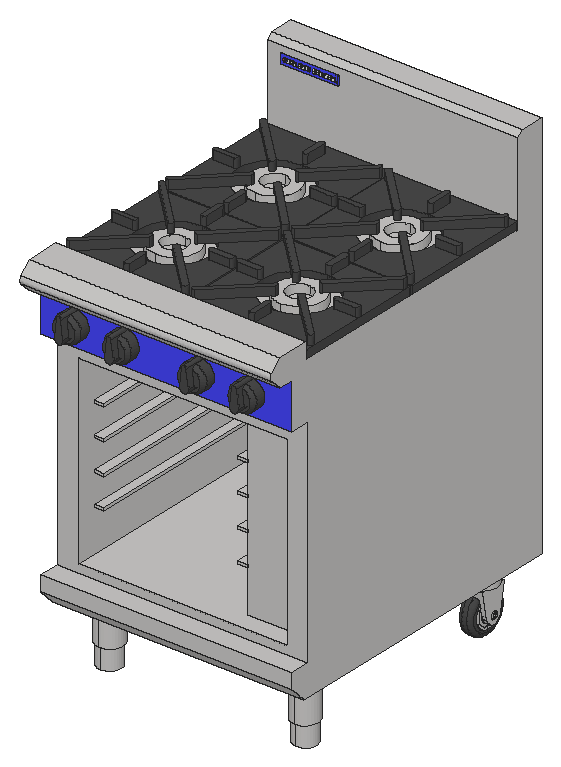
Revit family "QF_MOFFAT_BLUESEAL_CE_G514D-CB", category Specialty Equipment, Revit 2012 (continued)
Definition of nested family "GAS BURNER 600"
  Forms (mm)
    Extrusion 2, solid, material "QF_Finishes_Black"
      sketch origin (0, 0, 19.5) x (0, -1, 0) y (1, 0, 0)
        loop
          spline (160.1, 8.898) -> (160.318, 7.604) -> (160.957, 6.398) -> (161.975, 5.362) -> (163.3, 4.568) -> (164.844, 4.068) -> (166.5, 3.898) -> (168.156, 4.068) -> (169.7, 4.568) -> (171.025, 5.362) -> (172.043, 6.398) -> (172.682, 7.604) -> (172.9, 8.898)
      from 0 to 20.5
    Extrusion 3, solid, material "QF_Finishes_Stainless Steel"
      sketch origin (0, -15.098, 0) x (0, -1, 0) y (1, 0, 0)
        loop
          circle (151.402, 150) r 57
        loop
          circle (451.402, 150) r 57
        loop
          circle (151.402, 150) r 30
        loop
          circle (451.402, 150) r 30
      from 0 to 20
    Extrusion 4, solid, material "QF_Finishes_Black"
      sketch origin (600, 0, 0) x (0, -1, 0) y (1, 0, 0)
        loop
          arc (318.5, -4) -> (317.621, -1.879) -> (315.5, -1) r 3
          line (315.5, -1) -> (3, -1)
          arc (3, -1) -> (0.879, -1.879) -> (0, -4) r 3
          line (0, -4) -> (0, -296)
          arc (0, -296) -> (0.879, -298.121) -> (3, -299) r 3
          line (3, -299) -> (315.5, -299)
          arc (315.5, -299) -> (317.621, -298.121) -> (318.5, -296) r 3
          line (318.5, -296) -> (318.5, -4)
        loop
          arc (324.5, -1) -> (322.379, -1.879) -> (321.5, -4) r 3
          line (321.5, -4) -> (321.5, -296)
          arc (321.5, -296) -> (322.379, -298.121) -> (324.5, -299) r 3
          line (324.5, -299) -> (632, -299)
          arc (632, -299) -> (634.121, -298.121) -> (635, -296) r 3
          line (635, -296) -> (635, -4)
          arc (635, -4) -> (634.121, -1.879) -> (632, -1) r 3
          line (632, -1) -> (324.5, -1)
        loop
          circle (168.5, -149.991) r 84.082
        loop
          circle (468.5, -149.991) r 84.082
      from 0 to 19.5
    Extrusion 5, solid, material "QF_Finishes_Black"
      sketch origin (600, 0, 19.5) x (0, -1, 0) y (1, 0, 0)
        loop
          line (326.102, -15.153) -> (434.025, -123.076)
          spline (434.025, -123.076) -> (435.095, -123.837) -> (436.399, -124.238) -> (437.851, -124.251) -> (439.35, -123.875) -> (440.795, -123.137) -> (442.086, -122.086) -> (443.137, -120.795) -> (443.875, -119.35) -> (444.251, -117.851) -> (444.238, -116.399) -> (443.837, -115.095) -> (443.076, -114.025)
          line (443.076, -114.025) -> (335.153, -6.102)
          spline (335.153, -6.102) -> (333.924, -5.181) -> (332.47, -4.631) -> (330.89, -4.49) -> (329.292, -4.767) -> (327.786, -5.443) -> (326.473, -6.473) -> (325.443, -7.786) -> (324.767, -9.292) -> (324.49, -10.89) -> (324.631, -12.47) -> (325.181, -13.924) -> (326.102, -15.153)
        loop
          line (328.898, -156.4) -> (378.102, -156.4)
          spline (378.102, -156.4) -> (379.396, -156.182) -> (380.602, -155.543) -> (381.638, -154.525) -> (382.432, -153.2) -> (382.932, -151.656) -> (383.102, -150) -> (382.932, -148.344) -> (382.432, -146.8) -> (381.638, -145.475) -> (380.602, -144.457) -> (379.396, -143.818) -> (378.102, -143.6)
          line (378.102, -143.6) -> (328.898, -143.6)
          spline (328.898, -143.6) -> (327.604, -143.818) -> (326.398, -144.457) -> (325.362, -145.475) -> (324.568, -146.8) -> (324.068, -148.344) -> (323.898, -150) -> (324.068, -151.656) -> (324.568, -153.2) -> (325.362, -154.525) -> (326.398, -155.543) -> (327.604, -156.182) -> (328.898, -156.4)
        loop
          line (335.153, -293.898) -> (443.076, -185.975)
          spline (443.076, -185.975) -> (443.837, -184.905) -> (444.238, -183.601) -> (444.251, -182.149) -> (443.875, -180.65) -> (443.137, -179.205) -> (442.086, -177.914) -> (440.795, -176.863) -> (439.35, -176.125) -> (437.851, -175.749) -> (436.399, -175.762) -> (435.095, -176.163) -> (434.025, -176.924)
          line (434.025, -176.924) -> (326.102, -284.847)
          spline (326.102, -284.847) -> (325.341, -285.916) -> (324.941, -287.221) -> (324.928, -288.672) -> (325.303, -290.171) -> (326.041, -291.616) -> (327.092, -292.908) -> (328.384, -293.959) -> (329.829, -294.697) -> (331.328, -295.072) -> (332.779, -295.059) -> (334.084, -294.659) -> (335.153, -293.898)
        loop
          spline (463.6, -291.102) -> (463.818, -292.396) -> (464.457, -293.602) -> (465.475, -294.638) -> (466.8, -295.432) -> (468.344, -295.932) -> (470, -296.102) -> (471.656, -295.932) -> (473.2, -295.432) -> (474.525, -294.638) -> (475.543, -293.602) -> (476.182, -292.396) -> (476.4, -291.102)
          line (476.4, -291.102) -> (476.4, -241.898)
          spline (476.4, -241.898) -> (476.182, -240.604) -> (475.543, -239.398) -> (474.525, -238.362) -> (473.2, -237.568) -> (471.656, -237.068) -> (470, -236.898) -> (468.344, -237.068) -> (466.8, -237.568) -> (465.475, -238.362) -> (464.457, -239.398) -> (463.818, -240.604) -> (463.6, -241.898)
          line (463.6, -241.898) -> (463.6, -291.102)
        loop
          line (612.398, -284.847) -> (505.975, -176.924)
          spline (505.975, -176.924) -> (504.905, -176.163) -> (503.601, -175.762) -> (502.149, -175.749) -> (500.65, -176.125) -> (499.205, -176.863) -> (497.914, -177.914) -> (496.863, -179.205) -> (496.125, -180.65) -> (495.749, -182.149) -> (495.762, -183.601) -> (496.163, -184.905) -> (496.924, -185.975)
          line (496.924, -185.975) -> (603.347, -293.898)
          spline (603.347, -293.898) -> (604.416, -294.659) -> (605.721, -295.059) -> (607.172, -295.072) -> (608.671, -294.697) -> (610.116, -293.959) -> (611.408, -292.908) -> (612.459, -291.616) -> (613.197, -290.171) -> (613.572, -288.672) -> (613.559, -287.221) -> (613.159, -285.916) -> (612.398, -284.847)
        loop
          line (609.602, -143.6) -> (561.898, -143.6)
          spline (561.898, -143.6) -> (560.604, -143.818) -> (559.398, -144.457) -> (558.362, -145.475) -> (557.568, -146.8) -> (557.068, -148.344) -> (556.898, -150) -> (557.068, -151.656) -> (557.568, -153.2) -> (558.362, -154.525) -> (559.398, -155.543) -> (560.604, -156.182) -> (561.898, -156.4)
          line (561.898, -156.4) -> (609.602, -156.4)
          spline (609.602, -156.4) -> (610.896, -156.182) -> (612.102, -155.543) -> (613.138, -154.525) -> (613.932, -153.2) -> (614.432, -151.656) -> (614.602, -150) -> (614.432, -148.344) -> (613.932, -146.8) -> (613.138, -145.475) -> (612.102, -144.457) -> (610.896, -143.818) -> (609.602, -143.6)
        loop
          spline (612.398, -15.153) -> (613.159, -14.084) -> (613.559, -12.779) -> (613.572, -11.328) -> (613.197, -9.829) -> (612.459, -8.384) -> (611.408, -7.092) -> (610.116, -6.041) -> (608.671, -5.303) -> (607.172, -4.928) -> (605.721, -4.941) -> (604.416, -5.341) -> (603.347, -6.102)
          line (603.347, -6.102) -> (496.924, -114.025)
          spline (496.924, -114.025) -> (496.163, -115.095) -> (495.762, -116.399) -> (495.749, -117.851) -> (496.125, -119.35) -> (496.863, -120.795) -> (497.914, -122.086) -> (499.205, -123.137) -> (500.65, -123.875) -> (502.149, -124.251) -> (503.601, -124.238) -> (504.905, -123.837) -> (505.975, -123.076)
          line (505.975, -123.076) -> (612.398, -15.153)
        loop
          spline (476.4, -8.898) -> (476.182, -7.604) -> (475.543, -6.398) -> (474.525, -5.362) -> (473.2, -4.568) -> (471.656, -4.068) -> (470, -3.898) -> (468.344, -4.068) -> (466.8, -4.568) -> (465.475, -5.362) -> (464.457, -6.398) -> (463.818, -7.604) -> (463.6, -8.898)
          line (463.6, -8.898) -> (463.6, -58.102)
          spline (463.6, -58.102) -> (463.818, -59.396) -> (464.457, -60.602) -> (465.475, -61.638) -> (466.8, -62.432) -> (468.344, -62.932) -> (470, -63.102) -> (471.656, -62.932) -> (473.2, -62.432) -> (474.525, -61.638) -> (475.543, -60.602) -> (476.182, -59.396) -> (476.4, -58.102)
          line (476.4, -58.102) -> (476.4, -8.898)
        loop
          line (22.602, -15.153) -> (130.525, -123.076)
          spline (130.525, -123.076) -> (131.595, -123.837) -> (132.899, -124.238) -> (134.351, -124.251) -> (135.85, -123.875) -> (137.295, -123.137) -> (138.586, -122.086) -> (139.637, -120.795) -> (140.375, -119.35) -> (140.751, -117.851) -> (140.738, -116.399) -> (140.337, -115.095) -> (139.576, -114.025)
          line (139.576, -114.025) -> (31.653, -6.102)
          spline (31.653, -6.102) -> (30.424, -5.181) -> (28.97, -4.631) -> (27.39, -4.49) -> (25.792, -4.767) -> (24.286, -5.443) -> (22.973, -6.473) -> (21.943, -7.786) -> (21.267, -9.292) -> (20.99, -10.89) -> (21.131, -12.47) -> (21.681, -13.924) -> (22.602, -15.153)
        loop
          line (25.398, -156.4) -> (74.602, -156.4)
          spline (74.602, -156.4) -> (75.896, -156.182) -> (77.102, -155.543) -> (78.138, -154.525) -> (78.932, -153.2) -> (79.432, -151.656) -> (79.602, -150) -> (79.432, -148.344) -> (78.932, -146.8) -> (78.138, -145.475) -> (77.102, -144.457) -> (75.896, -143.818) -> (74.602, -143.6)
          line (74.602, -143.6) -> (25.398, -143.6)
          spline (25.398, -143.6) -> (24.104, -143.818) -> (22.898, -144.457) -> (21.862, -145.475) -> (21.068, -146.8) -> (20.568, -148.344) -> (20.398, -150) -> (20.568, -151.656) -> (21.068, -153.2) -> (21.862, -154.525) -> (22.898, -155.543) -> (24.104, -156.182) -> (25.398, -156.4)
        loop
          line (31.653, -293.898) -> (139.576, -185.975)
          spline (139.576, -185.975) -> (140.337, -184.905) -> (140.738, -183.601) -> (140.751, -182.149) -> (140.375, -180.65) -> (139.637, -179.205) -> (138.586, -177.914) -> (137.295, -176.863) -> (135.85, -176.125) -> (134.351, -175.749) -> (132.899, -175.762) -> (131.595, -176.163) -> (130.525, -176.924)
          line (130.525, -176.924) -> (22.602, -284.847)
          spline (22.602, -284.847) -> (21.841, -285.916) -> (21.441, -287.221) -> (21.428, -288.672) -> (21.803, -290.171) -> (22.541, -291.616) -> (23.592, -292.908) -> (24.884, -293.959) -> (26.329, -294.697) -> (27.828, -295.072) -> (29.279, -295.059) -> (30.584, -294.659) -> (31.653, -293.898)
        loop
          spline (160.1, -291.102) -> (160.318, -292.396) -> (160.957, -293.602) -> (161.975, -294.638) -> (163.3, -295.432) -> (164.844, -295.932) -> (166.5, -296.102) -> (168.156, -295.932) -> (169.7, -295.432) -> (171.025, -294.638) -> (172.043, -293.602) -> (172.682, -292.396) -> (172.9, -291.102)
          line (172.9, -291.102) -> (172.9, -241.898)
          spline (172.9, -241.898) -> (172.682, -240.604) -> (172.043, -239.398) -> (171.025, -238.362) -> (169.7, -237.568) -> (168.156, -237.068) -> (166.5, -236.898) -> (164.844, -237.068) -> (163.3, -237.568) -> (161.975, -238.362) -> (160.957, -239.398) -> (160.318, -240.604) -> (160.1, -241.898)
          line (160.1, -241.898) -> (160.1, -291.102)
        loop
          line (313.898, -284.847) -> (202.475, -176.924)
          spline (202.475, -176.924) -> (201.405, -176.163) -> (200.101, -175.762) -> (198.649, -175.749) -> (197.15, -176.125) -> (195.705, -176.863) -> (194.414, -177.914) -> (193.363, -179.205) -> (192.625, -180.65) -> (192.249, -182.149) -> (192.262, -183.601) -> (192.663, -184.905) -> (193.424, -185.975)
          line (193.424, -185.975) -> (304.847, -293.898)
          spline (304.847, -293.898) -> (305.916, -294.659) -> (307.221, -295.059) -> (308.672, -295.072) -> (310.171, -294.697) -> (311.616, -293.959) -> (312.908, -292.908) -> (313.959, -291.616) -> (314.697, -290.171) -> (315.072, -288.672) -> (315.059, -287.221) -> (314.659, -285.916) -> (313.898, -284.847)
        loop
          line (311.102, -143.6) -> (261.898, -143.6)
          spline (261.898, -143.6) -> (260.604, -143.818) -> (259.398, -144.457) -> (258.362, -145.475) -> (257.568, -146.8) -> (257.068, -148.344) -> (256.898, -150) -> (257.068, -151.656) -> (257.568, -153.2) -> (258.362, -154.525) -> (259.398, -155.543) -> (260.604, -156.182) -> (261.898, -156.4)
          line (261.898, -156.4) -> (311.102, -156.4)
          spline (311.102, -156.4) -> (312.396, -156.182) -> (313.602, -155.543) -> (314.638, -154.525) -> (315.432, -153.2) -> (315.932, -151.656) -> (316.102, -150) -> (315.932, -148.344) -> (315.432, -146.8) -> (314.638, -145.475) -> (313.602, -144.457) -> (312.396, -143.818) -> (311.102, -143.6)
        loop
          spline (313.898, -15.153) -> (314.659, -14.084) -> (315.059, -12.779) -> (315.072, -11.328) -> (314.697, -9.829) -> (313.959, -8.384) -> (312.908, -7.092) -> (311.616, -6.041) -> (310.171, -5.303) -> (308.672, -4.928) -> (307.221, -4.941) -> (305.916, -5.341) -> (304.847, -6.102)
          line (304.847, -6.102) -> (193.424, -114.025)
          spline (193.424, -114.025) -> (192.663, -115.095) -> (192.262, -116.399) -> (192.249, -117.851) -> (192.625, -119.35) -> (193.363, -120.795) -> (194.414, -122.086) -> (195.705, -123.137) -> (197.15, -123.875) -> (198.649, -124.251) -> (200.101, -124.238) -> (201.405, -123.837) -> (202.475, -123.076)
          line (202.475, -123.076) -> (313.898, -15.153)
        loop
          spline (172.9, -8.898) -> (172.682, -7.604) -> (172.043, -6.398) -> (171.025, -5.362) -> (169.7, -4.568) -> (168.156, -4.068) -> (166.5, -3.898) -> (164.844, -4.068) -> (163.3, -4.568) -> (161.975, -5.362) -> (160.957, -6.398) -> (160.318, -7.604) -> (160.1, -8.898)
          line (160.1, -8.898) -> (160.1, -58.102)
          spline (160.1, -58.102) -> (160.318, -59.396) -> (160.957, -60.602) -> (161.975, -61.638) -> (163.3, -62.432) -> (164.844, -62.932) -> (166.5, -63.102) -> (168.156, -62.932) -> (169.7, -62.432) -> (171.025, -61.638) -> (172.043, -60.602) -> (172.682, -59.396) -> (172.9, -58.102)
          line (172.9, -58.102) -> (172.9, -8.898)
      from 0 to 20.5
    Extrusion 6, solid, material "QF_Finishes_Stainless Steel"
      sketch origin (600, -15.098, 0) x (0, -1, 0) y (1, 0, 0)
        loop
          circle (151.402, -150) r 57
        loop
          circle (451.402, -150) r 57
        loop
          circle (151.402, -150) r 30
        loop
          circle (451.402, -150) r 30
      from 0 to 20
  Lines and regions (mm)
    symbolic lines
      curve 1: line (284.847, -22.602, 0) -> (176.924, -130.525, 0)
      curve 2: spline (176.924, -130.525, 0) -> (176.163, -131.595, 0) -> (175.762, -132.899, 0) -> (175.749, -134.351, 0) -> (176.125, -135.85, 0) -> (176.863, -137.295, 0) -> (177.914, -138.586, 0) -> (179.205, -139.637, 0) -> (180.65, -140.375, 0) -> (182.149, -140.751, 0) -> (183.601, -140.738, 0) -> (184.905, -140.337, 0) -> (185.975, -139.576, 0)
      curve 3: line (185.975, -139.576, 0) -> (293.898, -31.653, 0)
      curve 4: spline (293.898, -31.653, 0) -> (294.659, -30.584, 0) -> (295.059, -29.279, 0) -> (295.072, -27.828, 0) -> (294.697, -26.329, 0) -> (293.959, -24.884, 0) -> (292.908, -23.592, 0) -> (291.616, -22.541, 0) -> (290.171, -21.803, 0) -> (288.672, -21.428, 0) -> (287.221, -21.441, 0) -> (285.916, -21.841, 0) -> (284.847, -22.602, 0)
      curve 5: line (291.102, -160.1, 0) -> (241.898, -160.1, 0)
      curve 6: spline (241.898, -160.1, 0) -> (240.604, -160.318, 0) -> (239.398, -160.957, 0) -> (238.362, -161.975, 0) -> (237.568, -163.3, 0) -> (237.068, -164.844, 0) -> (236.898, -166.5, 0) -> (237.068, -168.156, 0) -> (237.568, -169.7, 0) -> (238.362, -171.025, 0) -> (239.398, -172.043, 0) -> (240.604, -172.682, 0) -> (241.898, -172.9, 0)
      curve 7: line (241.898, -172.9, 0) -> (291.102, -172.9, 0)
      curve 8: spline (291.102, -172.9, 0) -> (292.396, -172.682, 0) -> (293.602, -172.043, 0) -> (294.638, -171.025, 0) -> (295.432, -169.7, 0) -> (295.932, -168.156, 0) -> (296.102, -166.5, 0) -> (295.932, -164.844, 0) -> (295.432, -163.3, 0) -> (294.638, -161.975, 0) -> (293.602, -160.957, 0) -> (292.396, -160.318, 0) -> (291.102, -160.1, 0)
      curve 9: line (306.102, -31.653, 0) -> (414.025, -139.576, 0)
      curve 10: spline (414.025, -139.576, 0) -> (415.095, -140.337, 0) -> (416.399, -140.738, 0) -> (417.851, -140.751, 0) -> (419.35, -140.375, 0) -> (420.795, -139.637, 0) -> (422.086, -138.586, 0) -> (423.137, -137.295, 0) -> (423.875, -135.85, 0) -> (424.251, -134.351, 0) -> (424.238, -132.899, 0) -> (423.837, -131.595, 0) -> (423.076, -130.525, 0)
      curve 11: line (423.076, -130.525, 0) -> (315.153, -22.602, 0)
      curve 12: spline (315.153, -22.602, 0) -> (314.084, -21.841, 0) -> (312.779, -21.441, 0) -> (311.328, -21.428, 0) -> (309.829, -21.803, 0) -> (308.384, -22.541, 0) -> (307.092, -23.592, 0) -> (306.041, -24.884, 0) -> (305.303, -26.329, 0) -> (304.928, -27.828, 0) -> (304.941, -29.279, 0) -> (305.341, -30.584, 0) -> (306.102, -31.653, 0)
      curve 13: line (443.6, -25.398, 0) -> (443.6, -74.602, 0)
      curve 14: spline (443.6, -74.602, 0) -> (443.818, -75.896, 0) -> (444.457, -77.102, 0) -> (445.475, -78.138, 0) -> (446.8, -78.932, 0) -> (448.344, -79.432, 0) -> (450, -79.602, 0) -> (451.656, -79.432, 0) -> (453.2, -78.932, 0) -> (454.525, -78.138, 0) -> (455.543, -77.102, 0) -> (456.182, -75.896, 0) -> (456.4, -74.602, 0)
      curve 15: line (456.4, -74.602, 0) -> (456.4, -25.398, 0)
      curve 16: spline (456.4, -25.398, 0) -> (456.182, -24.104, 0) -> (455.543, -22.898, 0) -> (454.525, -21.862, 0) -> (453.2, -21.068, 0) -> (451.656, -20.568, 0) -> (450, -20.398, 0) -> (448.344, -20.568, 0) -> (446.8, -21.068, 0) -> (445.475, -21.862, 0) -> (444.457, -22.898, 0) -> (443.818, -24.104, 0) -> (443.6, -25.398, 0)
      curve 17: line (584.847, -22.602, 0) -> (476.924, -130.525, 0)
      curve 18: spline (476.924, -130.525, 0) -> (476.163, -131.595, 0) -> (475.762, -132.899, 0) -> (475.749, -134.351, 0) -> (476.125, -135.85, 0) -> (476.863, -137.295, 0) -> (477.914, -138.586, 0) -> (479.205, -139.637, 0) -> (480.65, -140.375, 0) -> (482.149, -140.751, 0) -> (483.601, -140.738, 0) -> (484.905, -140.337, 0) -> (485.975, -139.576, 0)
      curve 19: line (485.975, -139.576, 0) -> (593.898, -31.653, 0)
      curve 20: spline (593.898, -31.653, 0) -> (594.819, -30.424, 0) -> (595.369, -28.97, 0) -> (595.51, -27.39, 0) -> (595.233, -25.792, 0) -> (594.557, -24.286, 0) -> (593.527, -22.973, 0) -> (592.214, -21.943, 0) -> (590.708, -21.267, 0) -> (589.11, -20.99, 0) -> (587.53, -21.131, 0) -> (586.076, -21.681, 0) -> (584.847, -22.602, 0)
      curve 21: line (591.102, -160.1, 0) -> (541.898, -160.1, 0)
      curve 22: spline (541.898, -160.1, 0) -> (540.604, -160.318, 0) -> (539.398, -160.957, 0) -> (538.362, -161.975, 0) -> (537.568, -163.3, 0) -> (537.068, -164.844, 0) -> (536.898, -166.5, 0) -> (537.068, -168.156, 0) -> (537.568, -169.7, 0) -> (538.362, -171.025, 0) -> (539.398, -172.043, 0) -> (540.604, -172.682, 0) -> (541.898, -172.9, 0)
      curve 23: line (541.898, -172.9, 0) -> (591.102, -172.9, 0)
      curve 24: spline (591.102, -172.9, 0) -> (592.396, -172.682, 0) -> (593.602, -172.043, 0) -> (594.638, -171.025, 0) -> (595.432, -169.7, 0) -> (595.932, -168.156, 0) -> (596.102, -166.5, 0) -> (595.932, -164.844, 0) -> (595.432, -163.3, 0) -> (594.638, -161.975, 0) -> (593.602, -160.957, 0) -> (592.396, -160.318, 0) -> (591.102, -160.1, 0)
      curve 25: line (593.898, -304.847, 0) -> (485.975, -193.424, 0)
      curve 26: spline (485.975, -193.424, 0) -> (484.905, -192.663, 0) -> (483.601, -192.262, 0) -> (482.149, -192.249, 0) -> (480.65, -192.625, 0) -> (479.205, -193.363, 0) -> (477.914, -194.414, 0) -> (476.863, -195.705, 0) -> (476.125, -197.15, 0) -> (475.749, -198.649, 0) -> (475.762, -200.101, 0) -> (476.163, -201.405, 0) -> (476.924, -202.475, 0)
      curve 27: line (476.924, -202.475, 0) -> (584.847, -313.898, 0)
      curve 28: spline (584.847, -313.898, 0) -> (585.916, -314.659, 0) -> (587.221, -315.059, 0) -> (588.672, -315.072, 0) -> (590.171, -314.697, 0) -> (591.616, -313.959, 0) -> (592.908, -312.908, 0) -> (593.959, -311.616, 0) -> (594.697, -310.171, 0) -> (595.072, -308.672, 0) -> (595.059, -307.221, 0) -> (594.659, -305.916, 0) -> (593.898, -304.847, 0)
      curve 29: arc (450, -223.5, 0) -> (468.725, -220.336, 0) -> (485.372, -211.197, 0) r 57
      curve 30: arc (450, -109.5, 0) -> (431.183, -112.696, 0) -> (414.475, -121.924, 0) r 57
      curve 31: arc (450.009, -84.418, 0) -> (478.534, -89.404, 0) -> (503.676, -103.773, 0) r 84.082
      curve 32: arc (450.009, -252.582, 0) -> (420.453, -247.216, 0) -> (394.669, -231.803, 0) r 84.082
      curve 33: arc (450, -136.5, 0) -> (480, -166.5, 0) -> (450, -196.5, 0) r 30
      curve 34: arc (450, -196.5, 0) -> (420, -166.5, 0) -> (450, -136.5, 0) r 30
      curve 35: arc (150, -223.5, 0) -> (168.725, -220.336, 0) -> (185.372, -211.197, 0) r 57
      curve 36: arc (150, -109.5, 0) -> (131.183, -112.696, 0) -> (114.475, -121.924, 0) r 57
      curve 37: arc (149.991, -84.418, 0) -> (178.523, -89.406, 0) -> (203.668, -103.781, 0) r 84.082
      curve 38: arc (149.991, -252.582, 0) -> (120.441, -247.219, 0) -> (94.661, -231.812, 0) r 84.082
      curve 39: line (156.4, -74.602, 0) -> (156.4, -25.398, 0)
      curve 40: spline (156.4, -25.398, 0) -> (156.182, -24.104, 0) -> (155.543, -22.898, 0) -> (154.525, -21.862, 0) -> (153.2, -21.068, 0) -> (151.656, -20.568, 0) -> (150, -20.398, 0) -> (148.344, -20.568, 0) -> (146.8, -21.068, 0) -> (145.475, -21.862, 0) -> (144.457, -22.898, 0) -> (143.818, -24.104, 0) -> (143.6, -25.398, 0)
      curve 41: line (143.6, -25.398, 0) -> (143.6, -74.602, 0)
      curve 42: spline (143.6, -74.602, 0) -> (143.818, -75.896, 0) -> (144.457, -77.102, 0) -> (145.475, -78.138, 0) -> (146.8, -78.932, 0) -> (148.344, -79.432, 0) -> (150, -79.602, 0) -> (151.656, -79.432, 0) -> (153.2, -78.932, 0) -> (154.525, -78.138, 0) -> (155.543, -77.102, 0) -> (156.182, -75.896, 0) -> (156.4, -74.602, 0)
      curve 43: line (358.102, -160.1, 0) -> (308.898, -160.1, 0)
      curve 44: spline (308.898, -160.1, 0) -> (307.604, -160.318, 0) -> (306.398, -160.957, 0) -> (305.362, -161.975, 0) -> (304.568, -163.3, 0) -> (304.068, -164.844, 0) -> (303.898, -166.5, 0) -> (304.068, -168.156, 0) -> (304.568, -169.7, 0) -> (305.362, -171.025, 0) -> (306.398, -172.043, 0) -> (307.604, -172.682, 0) -> (308.898, -172.9, 0)
      curve 45: line (308.898, -172.9, 0) -> (358.102, -172.9, 0)
      curve 46: spline (358.102, -172.9, 0) -> (359.396, -172.682, 0) -> (360.602, -172.043, 0) -> (361.638, -171.025, 0) -> (362.432, -169.7, 0) -> (362.932, -168.156, 0) -> (363.102, -166.5, 0) -> (362.932, -164.844, 0) -> (362.432, -163.3, 0) -> (361.638, -161.975, 0) -> (360.602, -160.957, 0) -> (359.396, -160.318, 0) -> (358.102, -160.1, 0)
      curve 47: line (414.025, -193.424, 0) -> (306.102, -304.847, 0)
      curve 48: spline (306.102, -304.847, 0) -> (305.341, -305.916, 0) -> (304.941, -307.221, 0) -> (304.928, -308.672, 0) -> (305.303, -310.171, 0) -> (306.041, -311.616, 0) -> (307.092, -312.908, 0) -> (308.384, -313.959, 0) -> (309.829, -314.697, 0) -> (311.328, -315.072, 0) -> (312.779, -315.059, 0) -> (314.084, -314.659, 0) -> (315.153, -313.898, 0)
      curve 49: line (315.153, -313.898, 0) -> (423.076, -202.475, 0)
      curve 50: spline (423.076, -202.475, 0) -> (423.837, -201.405, 0) -> (424.238, -200.101, 0) -> (424.251, -198.649, 0) -> (423.875, -197.15, 0) -> (423.137, -195.705, 0) -> (422.086, -194.414, 0) -> (420.795, -193.363, 0) -> (419.35, -192.625, 0) -> (417.851, -192.249, 0) -> (416.399, -192.262, 0) -> (415.095, -192.663, 0) -> (414.025, -193.424, 0)
      curve 51: line (456.4, -311.102, 0) -> (456.4, -261.898, 0)
      curve 52: spline (456.4, -261.898, 0) -> (456.182, -260.604, 0) -> (455.543, -259.398, 0) -> (454.525, -258.362, 0) -> (453.2, -257.568, 0) -> (451.656, -257.068, 0) -> (450, -256.898, 0) -> (448.344, -257.068, 0) -> (446.8, -257.568, 0) -> (445.475, -258.362, 0) -> (444.457, -259.398, 0) -> (443.818, -260.604, 0) -> (443.6, -261.898, 0)
      curve 53: line (443.6, -261.898, 0) -> (443.6, -311.102, 0)
      curve 54: spline (443.6, -311.102, 0) -> (443.818, -312.396, 0) -> (444.457, -313.602, 0) -> (445.475, -314.638, 0) -> (446.8, -315.432, 0) -> (448.344, -315.932, 0) -> (450, -316.102, 0) -> (451.656, -315.932, 0) -> (453.2, -315.432, 0) -> (454.525, -314.638, 0) -> (455.543, -313.602, 0) -> (456.182, -312.396, 0) -> (456.4, -311.102, 0)
      curve 55: line (596, 0, 0) -> (304, 0, 0)
      curve 56: arc (304, 0, 0) -> (301.879, -0.879, 0) -> (301, -3, 0) r 3
      curve 57: line (301, -3, 0) -> (301, -315.5, 0)
      curve 58: arc (301, -315.5, 0) -> (301.879, -317.621, 0) -> (304, -318.5, 0) r 3
      curve 59: line (304, -318.5, 0) -> (596, -318.5, 0)
      curve 60: arc (596, -318.5, 0) -> (598.121, -317.621, 0) -> (599, -315.5, 0) r 3
      curve 61: line (599, -315.5, 0) -> (599, -3, 0)
      curve 62: arc (599, -3, 0) -> (598.121, -0.879, 0) -> (596, 0, 0) r 3
      curve 63: line (296, 0, 0) -> (4, 0, 0)
      curve 64: arc (4, 0, 0) -> (1.879, -0.879, 0) -> (1, -3, 0) r 3
      curve 65: line (1, -3, 0) -> (1, -315.5, 0)
      curve 66: arc (1, -315.5, 0) -> (1.879, -317.621, 0) -> (4, -318.5, 0) r 3
      curve 67: line (4, -318.5, 0) -> (296, -318.5, 0)
      curve 68: arc (296, -318.5, 0) -> (298.121, -317.621, 0) -> (299, -315.5, 0) r 3
      curve 69: line (299, -315.5, 0) -> (299, -3, 0)
      curve 70: arc (299, -3, 0) -> (298.121, -0.879, 0) -> (296, 0, 0) r 3
      curve 71: line (296, -321.5, 0) -> (4, -321.5, 0)
      curve 72: arc (4, -321.5, 0) -> (1.879, -322.379, 0) -> (1, -324.5, 0) r 3
      curve 73: line (1, -324.5, 0) -> (1, -632, 0)
      curve 74: arc (1, -632, 0) -> (1.879, -634.121, 0) -> (4, -635, 0) r 3
      curve 75: line (4, -635, 0) -> (296, -635, 0)
      curve 76: arc (296, -635, 0) -> (298.121, -634.121, 0) -> (299, -632, 0) r 3
      curve 77: line (299, -632, 0) -> (299, -324.5, 0)
      curve 78: arc (299, -324.5, 0) -> (298.121, -322.379, 0) -> (296, -321.5, 0) r 3
      curve 79: line (596, -321.5, 0) -> (304, -321.5, 0)
      curve 80: arc (304, -321.5, 0) -> (301.879, -322.379, 0) -> (301, -324.5, 0) r 3
      curve 81: line (301, -324.5, 0) -> (301, -632, 0)
      curve 82: arc (301, -632, 0) -> (301.879, -634.121, 0) -> (304, -635, 0) r 3
      curve 83: line (304, -635, 0) -> (596, -635, 0)
      curve 84: arc (596, -635, 0) -> (598.121, -634.121, 0) -> (599, -632, 0) r 3
      curve 85: line (599, -632, 0) -> (599, -324.5, 0)
      curve 86: arc (599, -324.5, 0) -> (598.121, -322.379, 0) -> (596, -321.5, 0) r 3
      curve 87: line (293.898, -304.847, 0) -> (185.975, -193.424, 0)
      curve 88: spline (185.975, -193.424, 0) -> (184.905, -192.663, 0) -> (183.601, -192.262, 0) -> (182.149, -192.249, 0) -> (180.65, -192.625, 0) -> (179.205, -193.363, 0) -> (177.914, -194.414, 0) -> (176.863, -195.705, 0) -> (176.125, -197.15, 0) -> (175.749, -198.649, 0) -> (175.762, -200.101, 0) -> (176.163, -201.405, 0) -> (176.924, -202.475, 0)
      curve 89: line (176.924, -202.475, 0) -> (284.847, -313.898, 0)
      curve 90: spline (284.847, -313.898, 0) -> (285.916, -314.659, 0) -> (287.221, -315.059, 0) -> (288.672, -315.072, 0) -> (290.171, -314.697, 0) -> (291.616, -313.959, 0) -> (292.908, -312.908, 0) -> (293.959, -311.616, 0) -> (294.697, -310.171, 0) -> (295.072, -308.672, 0) -> (295.059, -307.221, 0) -> (294.659, -305.916, 0) -> (293.898, -304.847, 0)
      curve 91: line (15.153, -313.898, 0) -> (123.076, -202.475, 0)
      curve 92: spline (123.076, -202.475, 0) -> (123.837, -201.405, 0) -> (124.238, -200.101, 0) -> (124.251, -198.649, 0) -> (123.875, -197.15, 0) -> (123.137, -195.705, 0) -> (122.086, -194.414, 0) -> (120.795, -193.363, 0) -> (119.35, -192.625, 0) -> (117.851, -192.249, 0) -> (116.399, -192.262, 0) -> (115.095, -192.663, 0) -> (114.025, -193.424, 0)
      curve 93: line (114.025, -193.424, 0) -> (6.102, -304.847, 0)
      curve 94: spline (6.102, -304.847, 0) -> (5.341, -305.916, 0) -> (4.941, -307.221, 0) -> (4.928, -308.672, 0) -> (5.303, -310.171, 0) -> (6.041, -311.616, 0) -> (7.092, -312.908, 0) -> (8.384, -313.959, 0) -> (9.829, -314.697, 0) -> (11.328, -315.072, 0) -> (12.779, -315.059, 0) -> (14.084, -314.659, 0) -> (15.153, -313.898, 0)
      curve 95: line (8.898, -172.9, 0) -> (58.102, -172.9, 0)
      curve 96: spline (58.102, -172.9, 0) -> (59.396, -172.682, 0) -> (60.602, -172.043, 0) -> (61.638, -171.025, 0) -> (62.432, -169.7, 0) -> (62.932, -168.156, 0) -> (63.102, -166.5, 0) -> (62.932, -164.844, 0) -> (62.432, -163.3, 0) -> (61.638, -161.975, 0) -> (60.602, -160.957, 0) -> (59.396, -160.318, 0) -> (58.102, -160.1, 0)
      curve 97: line (58.102, -160.1, 0) -> (8.898, -160.1, 0)
      curve 98: spline (8.898, -160.1, 0) -> (7.604, -160.318, 0) -> (6.398, -160.957, 0) -> (5.362, -161.975, 0) -> (4.568, -163.3, 0) -> (4.068, -164.844, 0) -> (3.898, -166.5, 0) -> (4.068, -168.156, 0) -> (4.568, -169.7, 0) -> (5.362, -171.025, 0) -> (6.398, -172.043, 0) -> (7.604, -172.682, 0) -> (8.898, -172.9, 0)
      curve 99: line (6.102, -31.653, 0) -> (114.025, -139.576, 0)
      curve 100: spline (114.025, -139.576, 0) -> (115.095, -140.337, 0) -> (116.399, -140.738, 0) -> (117.851, -140.751, 0) -> (119.35, -140.375, 0) -> (120.795, -139.637, 0) -> (122.086, -138.586, 0) -> (123.137, -137.295, 0) -> (123.875, -135.85, 0) -> (124.251, -134.351, 0) -> (124.238, -132.899, 0) -> (123.837, -131.595, 0) -> (123.076, -130.525, 0)
      curve 101: line (123.076, -130.525, 0) -> (15.153, -22.602, 0)
      curve 102: spline (15.153, -22.602, 0) -> (13.924, -21.681, 0) -> (12.47, -21.131, 0) -> (10.89, -20.99, 0) -> (9.292, -21.267, 0) -> (7.786, -21.943, 0) -> (6.473, -22.973, 0) -> (5.443, -24.286, 0) -> (4.767, -25.792, 0) -> (4.49, -27.39, 0) -> (4.631, -28.97, 0) -> (5.181, -30.424, 0) -> (6.102, -31.653, 0)
      curve 103: arc (150, -136.5, 0) -> (180, -166.5, 0) -> (150, -196.5, 0) r 30
      curve 104: arc (150, -196.5, 0) -> (120, -166.5, 0) -> (150, -136.5, 0) r 30
      curve 105: line (156.4, -311.102, 0) -> (156.4, -261.898, 0)
      curve 106: spline (156.4, -261.898, 0) -> (156.182, -260.604, 0) -> (155.543, -259.398, 0) -> (154.525, -258.362, 0) -> (153.2, -257.568, 0) -> (151.656, -257.068, 0) -> (150, -256.898, 0) -> (148.344, -257.068, 0) -> (146.8, -257.568, 0) -> (145.475, -258.362, 0) -> (144.457, -259.398, 0) -> (143.818, -260.604, 0) -> (143.6, -261.898, 0)
      curve 107: line (143.6, -261.898, 0) -> (143.6, -311.102, 0)
      curve 108: spline (143.6, -311.102, 0) -> (143.818, -312.396, 0) -> (144.457, -313.602, 0) -> (145.475, -314.638, 0) -> (146.8, -315.432, 0) -> (148.344, -315.932, 0) -> (150, -316.102, 0) -> (151.656, -315.932, 0) -> (153.2, -315.432, 0) -> (154.525, -314.638, 0) -> (155.543, -313.602, 0) -> (156.182, -312.396, 0) -> (156.4, -311.102, 0)
      curve 109: line (156.4, -378.102, 0) -> (156.4, -328.898, 0)
      curve 110: spline (156.4, -328.898, 0) -> (156.182, -327.604, 0) -> (155.543, -326.398, 0) -> (154.525, -325.362, 0) -> (153.2, -324.568, 0) -> (151.656, -324.068, 0) -> (150, -323.898, 0) -> (148.344, -324.068, 0) -> (146.8, -324.568, 0) -> (145.475, -325.362, 0) -> (144.457, -326.398, 0) -> (143.818, -327.604, 0) -> (143.6, -328.898, 0)
      curve 111: line (143.6, -328.898, 0) -> (143.6, -378.102, 0)
      curve 112: spline (143.6, -378.102, 0) -> (143.818, -379.396, 0) -> (144.457, -380.602, 0) -> (145.475, -381.638, 0) -> (146.8, -382.432, 0) -> (148.344, -382.932, 0) -> (150, -383.102, 0) -> (151.656, -382.932, 0) -> (153.2, -382.432, 0) -> (154.525, -381.638, 0) -> (155.543, -380.602, 0) -> (156.182, -379.396, 0) -> (156.4, -378.102, 0)
      curve 113: line (284.847, -326.102, 0) -> (176.924, -434.025, 0)
      curve 114: spline (176.924, -434.025, 0) -> (176.163, -435.095, 0) -> (175.762, -436.399, 0) -> (175.749, -437.851, 0) -> (176.125, -439.35, 0) -> (176.863, -440.795, 0) -> (177.914, -442.086, 0) -> (179.205, -443.137, 0) -> (180.65, -443.875, 0) -> (182.149, -444.251, 0) -> (183.601, -444.238, 0) -> (184.905, -443.837, 0) -> (185.975, -443.076, 0)
      curve 115: line (185.975, -443.076, 0) -> (293.898, -335.153, 0)
      curve 116: spline (293.898, -335.153, 0) -> (294.659, -334.084, 0) -> (295.059, -332.779, 0) -> (295.072, -331.328, 0) -> (294.697, -329.829, 0) -> (293.959, -328.384, 0) -> (292.908, -327.092, 0) -> (291.616, -326.041, 0) -> (290.171, -325.303, 0) -> (288.672, -324.928, 0) -> (287.221, -324.941, 0) -> (285.916, -325.341, 0) -> (284.847, -326.102, 0)
      curve 117: line (123.076, -434.025, 0) -> (15.153, -326.102, 0)
      curve 118: spline (15.153, -326.102, 0) -> (13.924, -325.181, 0) -> (12.47, -324.631, 0) -> (10.89, -324.49, 0) -> (9.292, -324.767, 0) -> (7.786, -325.443, 0) -> (6.473, -326.473, 0) -> (5.443, -327.786, 0) -> (4.767, -329.292, 0) -> (4.49, -330.89, 0) -> (4.631, -332.47, 0) -> (5.181, -333.924, 0) -> (6.102, -335.153, 0)
      curve 119: line (6.102, -335.153, 0) -> (114.025, -443.076, 0)
      curve 120: spline (114.025, -443.076, 0) -> (115.095, -443.837, 0) -> (116.399, -444.238, 0) -> (117.851, -444.251, 0) -> (119.35, -443.875, 0) -> (120.795, -443.137, 0) -> (122.086, -442.086, 0) -> (123.137, -440.795, 0) -> (123.875, -439.35, 0) -> (124.251, -437.851, 0) -> (124.238, -436.399, 0) -> (123.837, -435.095, 0) -> (123.076, -434.025, 0)
      curve 121: line (58.102, -463.6, 0) -> (8.898, -463.6, 0)
      curve 122: spline (8.898, -463.6, 0) -> (7.604, -463.818, 0) -> (6.398, -464.457, 0) -> (5.362, -465.475, 0) -> (4.568, -466.8, 0) -> (4.068, -468.344, 0) -> (3.898, -470, 0) -> (4.068, -471.656, 0) -> (4.568, -473.2, 0) -> (5.362, -474.525, 0) -> (6.398, -475.543, 0) -> (7.604, -476.182, 0) -> (8.898, -476.4, 0)
      curve 123: line (8.898, -476.4, 0) -> (58.102, -476.4, 0)
      curve 124: spline (58.102, -476.4, 0) -> (59.396, -476.182, 0) -> (60.602, -475.543, 0) -> (61.638, -474.525, 0) -> (62.432, -473.2, 0) -> (62.932, -471.656, 0) -> (63.102, -470, 0) -> (62.932, -468.344, 0) -> (62.432, -466.8, 0) -> (61.638, -465.475, 0) -> (60.602, -464.457, 0) -> (59.396, -463.818, 0) -> (58.102, -463.6, 0)
      curve 125: line (114.025, -496.924, 0) -> (6.102, -603.347, 0)
      curve 126: spline (6.102, -603.347, 0) -> (5.341, -604.416, 0) -> (4.941, -605.721, 0) -> (4.928, -607.172, 0) -> (5.303, -608.671, 0) -> (6.041, -610.116, 0) -> (7.092, -611.408, 0) -> (8.384, -612.459, 0) -> (9.829, -613.197, 0) -> (11.328, -613.572, 0) -> (12.779, -613.559, 0) -> (14.084, -613.159, 0) -> (15.153, -612.398, 0)
      curve 127: line (15.153, -612.398, 0) -> (123.076, -505.975, 0)
      curve 128: spline (123.076, -505.975, 0) -> (123.837, -504.905, 0) -> (124.238, -503.601, 0) -> (124.251, -502.149, 0) -> (123.875, -500.65, 0) -> (123.137, -499.205, 0) -> (122.086, -497.914, 0) -> (120.795, -496.863, 0) -> (119.35, -496.125, 0) -> (117.851, -495.749, 0) -> (116.399, -495.762, 0) -> (115.095, -496.163, 0) -> (114.025, -496.924, 0)
      curve 129: line (156.4, -609.602, 0) -> (156.4, -561.898, 0)
      curve 130: spline (156.4, -561.898, 0) -> (156.182, -560.604, 0) -> (155.543, -559.398, 0) -> (154.525, -558.362, 0) -> (153.2, -557.568, 0) -> (151.656, -557.068, 0) -> (150, -556.898, 0) -> (148.344, -557.068, 0) -> (146.8, -557.568, 0) -> (145.475, -558.362, 0) -> (144.457, -559.398, 0) -> (143.818, -560.604, 0) -> (143.6, -561.898, 0)
      curve 131: line (143.6, -561.898, 0) -> (143.6, -609.602, 0)
      curve 132: spline (143.6, -609.602, 0) -> (143.818, -610.896, 0) -> (144.457, -612.102, 0) -> (145.475, -613.138, 0) -> (146.8, -613.932, 0) -> (148.344, -614.432, 0) -> (150, -614.602, 0) -> (151.656, -614.432, 0) -> (153.2, -613.932, 0) -> (154.525, -613.138, 0) -> (155.543, -612.102, 0) -> (156.182, -610.896, 0) -> (156.4, -609.602, 0)
      curve 133: line (176.924, -505.975, 0) -> (284.847, -612.398, 0)
      curve 134: spline (284.847, -612.398, 0) -> (285.916, -613.159, 0) -> (287.221, -613.559, 0) -> (288.672, -613.572, 0) -> (290.171, -613.197, 0) -> (291.616, -612.459, 0) -> (292.908, -611.408, 0) -> (293.959, -610.116, 0) -> (294.697, -608.671, 0) -> (295.072, -607.172, 0) -> (295.059, -605.721, 0) -> (294.659, -604.416, 0) -> (293.898, -603.347, 0)
      curve 135: line (293.898, -603.347, 0) -> (185.975, -496.924, 0)
      curve 136: spline (185.975, -496.924, 0) -> (184.905, -496.163, 0) -> (183.601, -495.762, 0) -> (182.149, -495.749, 0) -> (180.65, -496.125, 0) -> (179.205, -496.863, 0) -> (177.914, -497.914, 0) -> (176.863, -499.205, 0) -> (176.125, -500.65, 0) -> (175.749, -502.149, 0) -> (175.762, -503.601, 0) -> (176.163, -504.905, 0) -> (176.924, -505.975, 0)
      curve 137: arc (149.991, -384.418, 0) -> (179.687, -389.836, 0) -> (205.556, -405.393, 0) r 84.082
      curve 138: arc (149.991, -552.582, 0) -> (121.173, -547.489, 0) -> (95.845, -532.827, 0) r 84.082
      curve 139: arc (150, -523.5, 0) -> (167.666, -520.693, 0) -> (183.592, -512.55, 0) r 57
      curve 140: arc (150, -409.5, 0) -> (130.014, -413.119, 0) -> (112.566, -423.515, 0) r 57
      curve 141: arc (150, -436.5, 0) -> (180, -466.5, 0) -> (150, -496.5, 0) r 30
      curve 142: arc (150, -496.5, 0) -> (120, -466.5, 0) -> (150, -436.5, 0) r 30
      curve 143: line (291.102, -463.6, 0) -> (241.898, -463.6, 0)
      curve 144: spline (241.898, -463.6, 0) -> (240.604, -463.818, 0) -> (239.398, -464.457, 0) -> (238.362, -465.475, 0) -> (237.568, -466.8, 0) -> (237.068, -468.344, 0) -> (236.898, -470, 0) -> (237.068, -471.656, 0) -> (237.568, -473.2, 0) -> (238.362, -474.525, 0) -> (239.398, -475.543, 0) -> (240.604, -476.182, 0) -> (241.898, -476.4, 0)
      curve 145: line (241.898, -476.4, 0) -> (291.102, -476.4, 0)
      curve 146: spline (291.102, -476.4, 0) -> (292.396, -476.182, 0) -> (293.602, -475.543, 0) -> (294.638, -474.525, 0) -> (295.432, -473.2, 0) -> (295.932, -471.656, 0) -> (296.102, -470, 0) -> (295.932, -468.344, 0) -> (295.432, -466.8, 0) -> (294.638, -465.475, 0) -> (293.602, -464.457, 0) -> (292.396, -463.818, 0) -> (291.102, -463.6, 0)
      curve 147: line (423.076, -434.025, 0) -> (315.153, -326.102, 0)
      curve 148: spline (315.153, -326.102, 0) -> (314.084, -325.341, 0) -> (312.779, -324.941, 0) -> (311.328, -324.928, 0) -> (309.829, -325.303, 0) -> (308.384, -326.041, 0) -> (307.092, -327.092, 0) -> (306.041, -328.384, 0) -> (305.303, -329.829, 0) -> (304.928, -331.328, 0) -> (304.941, -332.779, 0) -> (305.341, -334.084, 0) -> (306.102, -335.153, 0)
      curve 149: line (306.102, -335.153, 0) -> (414.025, -443.076, 0)
      curve 150: spline (414.025, -443.076, 0) -> (415.095, -443.837, 0) -> (416.399, -444.238, 0) -> (417.851, -444.251, 0) -> (419.35, -443.875, 0) -> (420.795, -443.137, 0) -> (422.086, -442.086, 0) -> (423.137, -440.795, 0) -> (423.875, -439.35, 0) -> (424.251, -437.851, 0) -> (424.238, -436.399, 0) -> (423.837, -435.095, 0) -> (423.076, -434.025, 0)
      curve 151: line (443.6, -328.898, 0) -> (443.6, -378.102, 0)
      curve 152: spline (443.6, -378.102, 0) -> (443.818, -379.396, 0) -> (444.457, -380.602, 0) -> (445.475, -381.638, 0) -> (446.8, -382.432, 0) -> (448.344, -382.932, 0) -> (450, -383.102, 0) -> (451.656, -382.932, 0) -> (453.2, -382.432, 0) -> (454.525, -381.638, 0) -> (455.543, -380.602, 0) -> (456.182, -379.396, 0) -> (456.4, -378.102, 0)
      curve 153: line (456.4, -378.102, 0) -> (456.4, -328.898, 0)
      curve 154: spline (456.4, -328.898, 0) -> (456.182, -327.604, 0) -> (455.543, -326.398, 0) -> (454.525, -325.362, 0) -> (453.2, -324.568, 0) -> (451.656, -324.068, 0) -> (450, -323.898, 0) -> (448.344, -324.068, 0) -> (446.8, -324.568, 0) -> (445.475, -325.362, 0) -> (444.457, -326.398, 0) -> (443.818, -327.604, 0) -> (443.6, -328.898, 0)
      curve 155: line (584.847, -326.102, 0) -> (476.924, -434.025, 0)
      curve 156: spline (476.924, -434.025, 0) -> (476.163, -435.095, 0) -> (475.762, -436.399, 0) -> (475.749, -437.851, 0) -> (476.125, -439.35, 0) -> (476.863, -440.795, 0) -> (477.914, -442.086, 0) -> (479.205, -443.137, 0) -> (480.65, -443.875, 0) -> (482.149, -444.251, 0) -> (483.601, -444.238, 0) -> (484.905, -443.837, 0) -> (485.975, -443.076, 0)
      curve 157: line (485.975, -443.076, 0) -> (593.898, -335.153, 0)
      curve 158: spline (593.898, -335.153, 0) -> (594.819, -333.924, 0) -> (595.369, -332.47, 0) -> (595.51, -330.89, 0) -> (595.233, -329.292, 0) -> (594.557, -327.786, 0) -> (593.527, -326.473, 0) -> (592.214, -325.443, 0) -> (590.708, -324.767, 0) -> (589.11, -324.49, 0) -> (587.53, -324.631, 0) -> (586.076, -325.181, 0) -> (584.847, -326.102, 0)
      curve 159: line (591.102, -463.6, 0) -> (541.898, -463.6, 0)
      curve 160: spline (541.898, -463.6, 0) -> (540.604, -463.818, 0) -> (539.398, -464.457, 0) -> (538.362, -465.475, 0) -> (537.568, -466.8, 0) -> (537.068, -468.344, 0) -> (536.898, -470, 0) -> (537.068, -471.656, 0) -> (537.568, -473.2, 0) -> (538.362, -474.525, 0) -> (539.398, -475.543, 0) -> (540.604, -476.182, 0) -> (541.898, -476.4, 0)
      curve 161: line (541.898, -476.4, 0) -> (591.102, -476.4, 0)
      curve 162: spline (591.102, -476.4, 0) -> (592.396, -476.182, 0) -> (593.602, -475.543, 0) -> (594.638, -474.525, 0) -> (595.432, -473.2, 0) -> (595.932, -471.656, 0) -> (596.102, -470, 0) -> (595.932, -468.344, 0) -> (595.432, -466.8, 0) -> (594.638, -465.475, 0) -> (593.602, -464.457, 0) -> (592.396, -463.818, 0) -> (591.102, -463.6, 0)
      curve 163: line (593.898, -603.347, 0) -> (485.975, -496.924, 0)
      curve 164: spline (485.975, -496.924, 0) -> (484.905, -496.163, 0) -> (483.601, -495.762, 0) -> (482.149, -495.749, 0) -> (480.65, -496.125, 0) -> (479.205, -496.863, 0) -> (477.914, -497.914, 0) -> (476.863, -499.205, 0) -> (476.125, -500.65, 0) -> (475.749, -502.149, 0) -> (475.762, -503.601, 0) -> (476.163, -504.905, 0) -> (476.924, -505.975, 0)
      curve 165: line (476.924, -505.975, 0) -> (584.847, -612.398, 0)
      curve 166: spline (584.847, -612.398, 0) -> (585.916, -613.159, 0) -> (587.221, -613.559, 0) -> (588.672, -613.572, 0) -> (590.171, -613.197, 0) -> (591.616, -612.459, 0) -> (592.908, -611.408, 0) -> (593.959, -610.116, 0) -> (594.697, -608.671, 0) -> (595.072, -607.172, 0) -> (595.059, -605.721, 0) -> (594.659, -604.416, 0) -> (593.898, -603.347, 0)
      curve 167: line (315.153, -612.398, 0) -> (423.076, -505.975, 0)
      curve 168: spline (423.076, -505.975, 0) -> (423.837, -504.905, 0) -> (424.238, -503.601, 0) -> (424.251, -502.149, 0) -> (423.875, -500.65, 0) -> (423.137, -499.205, 0) -> (422.086, -497.914, 0) -> (420.795, -496.863, 0) -> (419.35, -496.125, 0) -> (417.851, -495.749, 0) -> (416.399, -495.762, 0) -> (415.095, -496.163, 0) -> (414.025, -496.924, 0)
      curve 169: line (414.025, -496.924, 0) -> (306.102, -603.347, 0)
      curve 170: spline (306.102, -603.347, 0) -> (305.341, -604.416, 0) -> (304.941, -605.721, 0) -> (304.928, -607.172, 0) -> (305.303, -608.671, 0) -> (306.041, -610.116, 0) -> (307.092, -611.408, 0) -> (308.384, -612.459, 0) -> (309.829, -613.197, 0) -> (311.328, -613.572, 0) -> (312.779, -613.559, 0) -> (314.084, -613.159, 0) -> (315.153, -612.398, 0)
      curve 171: line (308.898, -476.4, 0) -> (358.102, -476.4, 0)
      curve 172: spline (358.102, -476.4, 0) -> (359.396, -476.182, 0) -> (360.602, -475.543, 0) -> (361.638, -474.525, 0) -> (362.432, -473.2, 0) -> (362.932, -471.656, 0) -> (363.102, -470, 0) -> (362.932, -468.344, 0) -> (362.432, -466.8, 0) -> (361.638, -465.475, 0) -> (360.602, -464.457, 0) -> (359.396, -463.818, 0) -> (358.102, -463.6, 0)
      curve 173: line (358.102, -463.6, 0) -> (308.898, -463.6, 0)
      curve 174: spline (308.898, -463.6, 0) -> (307.604, -463.818, 0) -> (306.398, -464.457, 0) -> (305.362, -465.475, 0) -> (304.568, -466.8, 0) -> (304.068, -468.344, 0) -> (303.898, -470, 0) -> (304.068, -471.656, 0) -> (304.568, -473.2, 0) -> (305.362, -474.525, 0) -> (306.398, -475.543, 0) -> (307.604, -476.182, 0) -> (308.898, -476.4, 0)
      curve 175: line (456.4, -609.602, 0) -> (456.4, -561.898, 0)
      curve 176: spline (456.4, -561.898, 0) -> (456.182, -560.604, 0) -> (455.543, -559.398, 0) -> (454.525, -558.362, 0) -> (453.2, -557.568, 0) -> (451.656, -557.068, 0) -> (450, -556.898, 0) -> (448.344, -557.068, 0) -> (446.8, -557.568, 0) -> (445.475, -558.362, 0) -> (444.457, -559.398, 0) -> (443.818, -560.604, 0) -> (443.6, -561.898, 0)
      curve 177: line (443.6, -561.898, 0) -> (443.6, -609.602, 0)
      curve 178: spline (443.6, -609.602, 0) -> (443.818, -610.896, 0) -> (444.457, -612.102, 0) -> (445.475, -613.138, 0) -> (446.8, -613.932, 0) -> (448.344, -614.432, 0) -> (450, -614.602, 0) -> (451.656, -614.432, 0) -> (453.2, -613.932, 0) -> (454.525, -613.138, 0) -> (455.543, -612.102, 0) -> (456.182, -610.896, 0) -> (456.4, -609.602, 0)
      curve 179: arc (450.009, -384.418, 0) -> (479.699, -389.834, 0) -> (505.564, -405.385, 0) r 84.082
      curve 180: arc (450.009, -552.582, 0) -> (417.885, -546.204, 0) -> (390.635, -528.036, 0) r 84.082
      curve 181: arc (450, -523.5, 0) -> (467.666, -520.693, 0) -> (483.592, -512.55, 0) r 57
      curve 182: arc (450, -409.5, 0) -> (430.014, -413.119, 0) -> (412.566, -423.515, 0) r 57
      curve 183: arc (450, -436.5, 0) -> (480, -466.5, 0) -> (450, -496.5, 0) r 30
      curve 184: arc (450, -496.5, 0) -> (420, -466.5, 0) -> (450, -436.5, 0) r 30
      curve 185: arc (96.324, -103.773, 0) -> (121.466, -89.404, 0) -> (149.991, -84.418, 0) r 84.082
      curve 186: arc (212.871, -112.68, 0) -> (234.066, -167.408, 0) -> (214.3, -222.668, 0) r 84.082
      curve 187: arc (194.454, -202.178, 0) -> (207, -166.598, 0) -> (194.576, -130.975, 0) r 57
      curve 188: arc (114.628, -211.197, 0) -> (131.275, -220.336, 0) -> (150, -223.5, 0) r 57
      curve 189: arc (405.424, -130.975, 0) -> (393, -166.598, 0) -> (405.546, -202.178, 0) r 57
      curve 190: arc (485.525, -121.924, 0) -> (468.817, -112.696, 0) -> (450, -109.5, 0) r 57
      curve 191: arc (494.454, -202.178, 0) -> (507, -166.598, 0) -> (494.576, -130.975, 0) r 57
      curve 192: arc (414.628, -211.197, 0) -> (431.275, -220.336, 0) -> (450, -223.5, 0) r 57
      curve 193: arc (105.424, -130.975, 0) -> (93, -166.598, 0) -> (105.546, -202.178, 0) r 57
      curve 194: arc (514.501, -414.55, 0) -> (534.086, -469.429, 0) -> (513.293, -523.862, 0) r 84.082
      curve 195: arc (504.155, -532.827, 0) -> (478.827, -547.489, 0) -> (450.009, -552.582, 0) r 84.082
      curve 196: arc (493.031, -503.881, 0) -> (506.947, -468.956, 0) -> (496.089, -432.962, 0) r 57
      curve 197: arc (416.408, -512.55, 0) -> (432.334, -520.693, 0) -> (450, -523.5, 0) r 57
      curve 198: arc (403.911, -432.962, 0) -> (393.053, -468.956, 0) -> (406.969, -503.881, 0) r 57
      curve 199: arc (487.434, -423.515, 0) -> (469.986, -413.119, 0) -> (450, -409.5, 0) r 57
      curve 200: arc (187.434, -423.515, 0) -> (169.986, -413.119, 0) -> (150, -409.5, 0) r 57
      curve 201: arc (103.911, -432.962, 0) -> (93.053, -468.956, 0) -> (106.969, -503.881, 0) r 57
      curve 202: arc (109.732, -506.842, 0) -> (110.614, -507.704, 0) -> (111.516, -508.547, 0) r 57
      curve 203: arc (193.031, -503.881, 0) -> (206.947, -468.956, 0) -> (196.089, -432.962, 0) r 57
      curve 204: arc (214.491, -414.56, 0) -> (234.068, -469.429, 0) -> (213.283, -523.853, 0) r 84.082
      curve 205: arc (94.436, -405.385, 0) -> (120.301, -389.834, 0) -> (149.991, -384.418, 0) r 84.082
      curve 206: arc (86.707, -523.862, 0) -> (65.914, -469.429, 0) -> (85.499, -414.55, 0) r 84.082
      curve 207: arc (116.408, -512.55, 0) -> (132.334, -520.693, 0) -> (150, -523.5, 0) r 57
      curve 208: arc (204.147, -532.819, 0) -> (178.816, -547.487, 0) -> (149.991, -552.582, 0) r 84.082
      curve 209: arc (394.444, -405.393, 0) -> (420.313, -389.836, 0) -> (450.009, -384.418, 0) r 84.082
      curve 210: arc (390.635, -528.036, 0) -> (366.012, -472.294, 0) -> (385.509, -414.56, 0) r 84.082
      curve 211: arc (185.525, -121.924, 0) -> (168.817, -112.696, 0) -> (150, -109.5, 0) r 57
      curve 212: arc (396.332, -103.781, 0) -> (421.477, -89.406, 0) -> (450.009, -84.418, 0) r 84.082
      curve 213: arc (512.881, -112.67, 0) -> (534.084, -167.408, 0) -> (514.31, -222.678, 0) r 84.082
      curve 214: arc (505.339, -231.812, 0) -> (479.559, -247.219, 0) -> (450.009, -252.582, 0) r 84.082
      curve 215: arc (385.7, -222.668, 0) -> (365.934, -167.408, 0) -> (387.129, -112.68, 0) r 84.082
      curve 216: arc (205.331, -231.803, 0) -> (179.547, -247.216, 0) -> (149.991, -252.582, 0) r 84.082
      curve 217: arc (85.69, -222.678, 0) -> (65.916, -167.408, 0) -> (87.119, -112.67, 0) r 84.082
  Dimensions and locks
    equal spacing: plane 3 "LEFT", plane 7 "Center Y", plane 4 "RIGHT"
    "Width": plane 3 "LEFT" to plane 4 "RIGHT"
    equal spacing: plane 5 "FRONT", plane 8 "Center X", plane 1 "BACK"
    "Depth": plane 5 "FRONT" to plane 1 "BACK"
    aligned and locked: level to plane 2
  Automatic sketch dimensions
    plane 3 "LEFT" to Extrusion 1 sketch curve = 4.00 mm  (x2)
    plane 1 "BACK" to Extrusion 1 sketch curve = 0.00 mm
    plane 3 "LEFT" to Extrusion 1 sketch curve = 1.00 mm  (x2)
    Extrusion 1 sketch curve to Extrusion 1 sketch curve = 3.00 mm  (x5)
    plane 8 "Center X" to Extrusion 1 sketch curve = 149.00 mm
    Extrusion 1 sketch curve to plane 7 "Center Y" = 1.00 mm  (x2)
    plane 8 "Center X" to Extrusion 1 sketch curve = 2.00 mm  (x2)
    Extrusion 1 sketch curve to plane 5 "FRONT" = 166.50 mm
    Extrusion 1 sketch curve to plane 5 "FRONT" = 3.00 mm  (x2)
    plane 3 "LEFT" to Extrusion 1 sketch curve = 149.991 mm  (x2)
    Extrusion 2 sketch curve to Extrusion 1 = 22.602 mm  (x2)
    Extrusion 2 sketch curve to Extrusion 1 = 25.398 mm  (x2)
    Extrusion 2 sketch curve to Extrusion 2 sketch curve = 4.525 mm  (x16)
    Extrusion 2 sketch curve to Extrusion 2 sketch curve = 49.204 mm  (x5)
    Extrusion 2 sketch curve to Extrusion 2 sketch curve = 55.923 mm  (x5)
    Extrusion 2 sketch curve to Extrusion 2 sketch curve = 0.00 mm  (x5)
    Extrusion 2 sketch curve to Extrusion 2 sketch curve = 20.524 mm  (x8)
    Extrusion 2 sketch curve to Extrusion 2 sketch curve = 6.40 mm  (x8)
    Extrusion 2 sketch curve to Extrusion 2 sketch curve = 53.847 mm  (x8)
    Extrusion 2 sketch curve to Extrusion 1 = 56.602 mm
    Extrusion 2 sketch curve to Extrusion 1 = 5.102 mm  (x6)
    Extrusion 2 sketch curve to Extrusion 1 = 13.653 mm  (x2)
    Extrusion 2 sketch curve to Extrusion 1 = 7.398 mm  (x2)
    Extrusion 2 sketch curve to Extrusion 1 = 4.602 mm  (x2)
    Extrusion 2 sketch curve to Extrusion 1 = 7.898 mm  (x4)
    Extrusion 2 sketch curve to Extrusion 1 = 31.653 mm  (x2)
    Extrusion 2 sketch curve to Extrusion 1 = 57.102 mm
    Extrusion 2 sketch curve to Extrusion 1 = 14.153 mm
    Extrusion 3 sketch curve to Extrusion 3 sketch curve = 0.00 mm  (x24)
    plane 8 "Center X" to Extrusion 3 sketch curve = 208.00 mm
    Extrusion 3 sketch curve to Extrusion 3 sketch curve = 27.00 mm  (x2)
    Extrusion 3 sketch curve to Extrusion 3 sketch curve = 30.00 mm  (x2)
    Extrusion 3 sketch curve to plane 5 "FRONT" = 225.50 mm
    plane 3 "LEFT" to Extrusion 3 sketch curve = 150.00 mm  (x2)
    plane 4 "RIGHT" to Extrusion 4 sketch curve = 4.00 mm  (x2)
    plane 1 "BACK" to Extrusion 4 sketch curve = 0.00 mm
    plane 4 "RIGHT" to Extrusion 4 sketch curve = 1.00 mm  (x2)
    Extrusion 4 sketch curve to Extrusion 4 sketch curve = 3.00 mm  (x5)
    plane 8 "Center X" to Extrusion 4 sketch curve = 149.00 mm
    plane 7 "Center Y" to Extrusion 4 sketch curve = 1.00 mm  (x2)
    plane 8 "Center X" to Extrusion 4 sketch curve = 2.00 mm  (x2)
    Extrusion 4 sketch curve to plane 5 "FRONT" = 166.50 mm
    Extrusion 4 sketch curve to plane 5 "FRONT" = 3.00 mm  (x2)
    plane 4 "RIGHT" to Extrusion 4 sketch curve = 149.991 mm  (x2)
    Extrusion 5 sketch curve to Extrusion 4 = 22.602 mm  (x2)
    Extrusion 5 sketch curve to Extrusion 4 = 25.398 mm  (x2)
    Extrusion 5 sketch curve to Extrusion 5 sketch curve = 4.525 mm  (x16)
    Extrusion 5 sketch curve to Extrusion 5 sketch curve = 49.204 mm  (x4)
    Extrusion 5 sketch curve to Extrusion 5 sketch curve = 55.923 mm  (x5)
    Extrusion 5 sketch curve to Extrusion 5 sketch curve = 0.00 mm  (x6)
    Extrusion 5 sketch curve to Extrusion 5 sketch curve = 20.524 mm  (x7)
    Extrusion 5 sketch curve to Extrusion 5 sketch curve = 6.40 mm  (x8)
    Extrusion 5 sketch curve to Extrusion 5 sketch curve = 53.847 mm  (x8)
    Extrusion 5 sketch curve to Extrusion 4 = 56.602 mm
    Extrusion 5 sketch curve to Extrusion 4 = 5.102 mm  (x6)
    Extrusion 5 sketch curve to Extrusion 4 = 13.653 mm  (x2)
    Extrusion 5 sketch curve to Extrusion 4 = 7.398 mm  (x2)
    Extrusion 5 sketch curve to Extrusion 4 = 4.602 mm  (x2)
    Extrusion 5 sketch curve to Extrusion 4 = 7.898 mm  (x4)
    Extrusion 5 sketch curve to Extrusion 4 = 31.653 mm  (x2)
    Extrusion 5 sketch curve to Extrusion 4 = 57.102 mm  (x2)
    Extrusion 5 sketch curve to Extrusion 4 = 14.153 mm
    Extrusion 6 sketch curve to Extrusion 6 sketch curve = 0.00 mm  (x24)
    plane 8 "Center X" to Extrusion 6 sketch curve = 208.00 mm
    Extrusion 6 sketch curve to Extrusion 6 sketch curve = 27.00 mm  (x2)
    Extrusion 6 sketch curve to Extrusion 6 sketch curve = 30.00 mm  (x2)
    Extrusion 6 sketch curve to plane 5 "FRONT" = 225.50 mm
    plane 4 "RIGHT" to Extrusion 6 sketch curve = 150.00 mm  (x2)
    curve 1 to plane 7 "Center Y" = 123.076 mm
    curve 2 to curve 2 = 4.525 mm
    curve 1 to plane 7 "Center Y" = 15.153 mm
    curve 1 to curve 4 = 4.525 mm
    plane 1 "BACK" to curve 3 = 139.576 mm
    plane 1 "BACK" to curve 4 = 31.653 mm
    curve 7 to plane 7 "Center Y" = 58.102 mm
    curve 8 to plane 7 "Center Y" = 8.898 mm
    curve 8 to curve 2 = 20.524 mm
    curve 6 to curve 5 = 6.40 mm
    plane 7 "Center Y" to curve 9 = 6.102 mm
    curve 9 to curve 12 = 4.525 mm
    plane 7 "Center Y" to curve 10 = 114.025 mm
    curve 10 to curve 10 = 4.525 mm
    curve 5 to curve 10 = 20.524 mm
    curve 3 to curve 9 = 0.00 mm
    plane 1 "BACK" to curve 13 = 25.398 mm
    curve 10 to curve 13 = 20.524 mm
    curve 13 to curve 16 = 6.40 mm
    curve 14 to curve 15 = 49.204 mm
    curve 11 to curve 17 = 53.847 mm
    curve 18 to curve 18 = 4.525 mm
    plane 4 "RIGHT" to curve 17 = 15.153 mm
    curve 20 to curve 20 = 4.525 mm
    curve 18 to curve 11 = 9.051 mm
    plane 1 "BACK" to curve 20 = 31.653 mm
    plane 4 "RIGHT" to curve 22 = 58.102 mm
    plane 4 "RIGHT" to curve 21 = 8.898 mm
    curve 23 to curve 18 = 33.324 mm
    curve 22 to curve 22 = 6.40 mm
    curve 26 to curve 18 = 9.051 mm
    curve 27 to curve 26 = 4.525 mm
    plane 8 "Center X" to curve 27 = 3.602 mm
    plane 4 "RIGHT" to curve 27 = 15.153 mm
    curve 27 to curve 28 = 4.525 mm
    curve 27 to curve 18 = 62.898 mm
    curve 30 to curve 26 = 31.449 mm
    curve 192 to curve 27 = 21.025 mm
    curve 26 to curve 29 = 31.449 mm
    curve 14 to curve 31 = 0.009 mm
    curve 32 to curve 29 = 29.082 mm
    curve 31 to curve 29 = 2.00 mm
    curve 29 to curve 33 = 0.00 mm  (x2)
    curve 29 to curve 34 = 27.00 mm
    curve 211 to curve 2 = 31.449 mm
    curve 35 to curve 3 = 83.924 mm
    curve 35 to curve 2 = 31.449 mm
    curve 37 to curve 211 = 0.009 mm
    curve 216 to curve 35 = 29.082 mm
    curve 38 to curve 36 = 2.00 mm
    curve 42 to curve 185 = 6.391 mm
    curve 41 to curve 40 = 6.40 mm
    curve 185 to curve 41 = 9.816 mm
    plane 1 "BACK" to curve 41 = 25.398 mm
    plane 7 "Center Y" to curve 44 = 8.898 mm
    curve 44 to curve 45 = 49.204 mm
    curve 7 to curve 44 = 0.00 mm
    curve 45 to curve 44 = 6.40 mm
    plane 7 "Center Y" to curve 48 = 6.102 mm
    curve 48 to curve 48 = 4.525 mm
